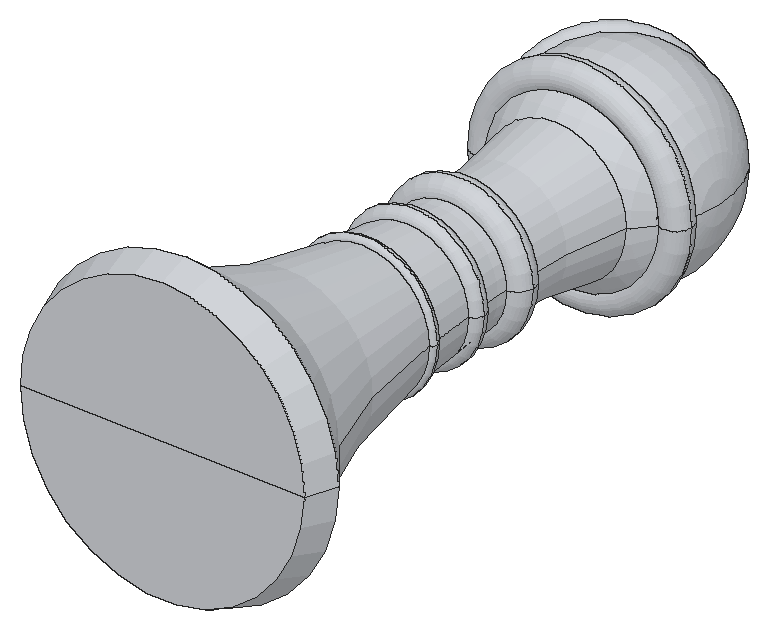
Revit family "Void", category Generic Models, Revit 2019
Family settings
  Can host rebar = No
  Round Connector Dimension = Use Diameter
  Part Type = Normal
  Work Plane-Based = No
  Always vertical = Yes
  Cut with Voids When Loaded = No
  Shared = No
  Room Calculation Point = No
Reference planes
  plane 1 "Centro (Frente/Trás)": y = 0
  plane 2: z = 0
  plane 3 "Centro (Esquerda/Direita)": x = 0
Forms (mm)
  Revolve 1, solid
    sketch origin (0, 0, 0) x (1, 0, 0) y (0, 1, 0)
      loop
        line (-2000, 0) -> (2000, 0)
        arc (2000, 0) -> (0, 2000) -> (-2000, 0) r 2000
      axis (-2000, 0) -> (2000, 0)
    angle from 0 to 360
  Revolve 2, solid
    sketch origin (0, 0, 0) x (1, 0, 0) y (0, 1, 0)
      loop
        circle (-1820.244, -820.244) r 300
      axis (0, -820.244) -> (0, -821.244)
    angle from 0 to 360
  Revolve 3, solid
    sketch origin (0, 0, 0) x (1, 0, 0) y (0, 1, 0)
      loop
        spline (-1360, -1460) -> (-1239.872, -1975.931) -> (-1161.711, -2636.74) -> (-1126.671, -3411.275) -> (-1135.907, -4268.387) -> (-1190.575, -5176.925) -> (-1291.831, -6105.739) -> (-1440.828, -7023.679) -> (-1638.723, -7899.594) -> (-1886.671, -8702.334) -> (-2185.826, -9400.748) -> (-2537.345, -9963.687) -> (-2942.382, -10360)
        line (-2942.382, -10360) -> (-2737.17, -10923.816) -> (0, -10923.816) -> (0, -10360) -> (0, -1460) -> (-1055.662, -1361.115) -> (-1360, -1460)
      axis (0, -1361.115) -> (0, -10923.816)
    angle from 0 to 360
  Revolve 4, solid
    sketch origin (0, 0, 0) x (1, 0, 0) y (0, 1, 0)
      loop
        circle (-1126.261, -3764.174) r 300
      loop
        circle (-1168.253, -4867.973) r 200
      loop
        circle (-1282.233, -6022.764) r 100
      axis (0, -3764.174) -> (0, -6022.764)
    angle from 0 to 360
  Revolve 5, solid
    sketch origin (0, 0, 0) x (1, 0, 0) y (0, 1, 0)
      loop
        circle (-1991.376, -191.483) r 200
      axis (-799.946, 799.946) -> (-999.946, 999.946)
    angle from 0 to 360
Dimensions and locks
  aligned and locked: level to plane 2
